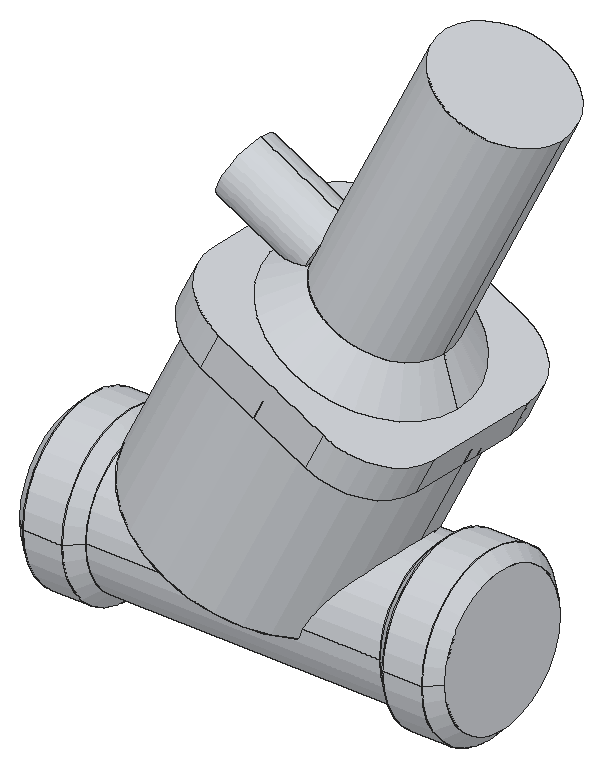
Revit family "PV_Compact_DN015_5-30_MM_RFA_2018", category Pipe Accessories, Revit 2018
Family settings
  Round Connector Dimension = Use Diameter
  Part Type = Valve - Breaks Into
  Work Plane-Based = No
  Always vertical = Yes
  Cut with Voids When Loaded = No
  Shared = No
Parameters (values of type "Frese PV Compact DN15 MM (5-30 kPa)")
  magiProductId = "Frese PV Compact DN15-1"
  magiProductFamilyId = "Frese PV Compact *"
  magiPartTypeId = 304
  isMeasuringValve [instance] = no
  ang2D [instance] = 0.00°
  Z7 = 15 mm
  Z6 = 40 mm
  Z5 = 44 mm
  Z4 = 39 mm
  Z3 = 6 mm
  Z2 = 33 mm
  XR3 = 30 mm
  XR2 = 25 mm
  XR1 = 13 mm
  W2D = 15 mm
  VersionID = "2.0/2018.12.13.2/FRESE_PV_COMPACT_Q13_001"
  Use Minimum Symbol Size [instance] = no
  URL = "www.hydronic.cz"
  Type Comments = "závitový s vnějším závitem; PN25; dpmax=450kPa; -10~+120°C;"
  R6 = 13 mm
  R5 = 5 mm
  R4 = 15 mm
  R3 = 10 mm
  R2 = 11 mm
  R1 = 19 mm
  QmdConnectorList = "301;D;302;D"
  Productdata [instance] = ""
  Manufacturer = "Hydronic Systems Prague s.r.o."
  MC Use Limits From Balancing Method = no
  MC Throttling Minimum Value = 0
  MC Throttling Maximum Value = 0
  MC Product Code = "53-3200 DN15; MM; nastavitelný rozsah dp=5~30kPa; Q=50~600l/h;  kvs=2,9"
  MC Pressure Drop Minimum Value = 0.0 Pa
  MC Pressure Drop Maximum Value = 0.0 Pa
  MC Piping Given Pressure Drop [instance] = 0.0 Pa
  M5 = 32.5 mm
  M4 = 30.5 mm
  M3 = 24.5 mm
  M2 = 22.5 mm
  LM = 45 mm
  L2D_Min = 30.48 mm
  L2D = 65 mm
  Description = "Nastavitelný regulátor tlakové diference"
  D = 15 mm
  CAT0 = yes
Types (2, lengths in mm): name | magiProductId | MC Product Code
  PV Compact DN15 MM (20-60 kPa) | "Frese PV Compact DN15-2" | "53-3201 DN15; MM; nastavitelný rozsah dp=20~60kPa; Q=100~1000l/h;  kvs=2,9"
  Frese PV Compact DN15 MM (5-30 kPa) | "Frese PV Compact DN15-1" | "53-3200 DN15; MM; nastavitelný rozsah dp=5~30kPa; Q=50~600l/h;  kvs=2,9"
Reference planes
  plane 1 "Center (Front/Back)": y = 0
  plane 2 "XYPLANE": z = 0
  plane 3 "Center (Left/Right)": x = 0
  plane 4 "62": through (318.218, 0, 679.605) normal (0.891, 0, -0.454)
  plane 5 "61": x = 32.5
  plane 6 "60": x = 30.5
  plane 7 "59": x = 24.5
  plane 8 "58": x = 22.5
  plane 9 "57": x = -32.5
  plane 10 "56": x = -30.5
  plane 11 "55": x = -24.5
  plane 12 "54": y = 0
  plane 13 "53": through (-666.893, 0, 343.166) normal (0.454, 0, 0.891)
  plane 14 "52": x = -22.5
  plane 15 "51": through (335.147, 0, 670.979) normal (0.891, 0, -0.454)
  plane 16 "50": through (-653.273, 0, 369.896) normal (0.454, 0, 0.891)
  plane 17 "49": through (352.076, 0, 662.353) normal (0.891, 0, -0.454)
  plane 18 "48": y = 19
  plane 19 "47": y = -19
  plane 20 "46": through (-650.549, 0, 375.242) normal (0.454, 0, 0.891)
  plane 21 "45": through (-648.279, 0, 379.697) normal (0.454, 0, 0.891)
  plane 22 "44": through (313.763, 0, 681.875) normal (0.891, 0, -0.454)
  plane 23 "42": through (-668.255, 0, 340.493) normal (0.454, 0, 0.891)
  plane 24 "15XY": through (-668.255, 0, 340.493) normal (0.454, 0, 0.891)
  plane 25 "15XZ": y = 0
  plane 26 "15YZ": through (340.493, 0, 668.255) normal (0.891, 0, -0.454)
Forms (mm)
  Blend 1, solid, visible <- "CAT0"
    base sketch origin (30.5, -750, 0) x (0, 1, 0) y (0, 0, 1)
      loop
        circle (750, 0) r 13
    top sketch origin (30.5, -750, 0) x (0, 1, 0) y (0, 0, 1)
      loop
        circle (750, 0) r 11
    from 0 to 2
  Extrusion 2, solid, visible <- "CAT0"
    sketch origin (24.5, -750, 0) x (0, 1, 0) y (0, 0, 1)
      loop
        circle (750, 0) r 13
    from 0 to 6
  Blend 3, solid, visible <- "CAT0"
    base sketch origin (22.5, -750, 0) x (0, 1, 0) y (0, 0, 1)
      loop
        circle (750, 0) r 11
    top sketch origin (22.5, -750, 0) x (0, 1, 0) y (0, 0, 1)
      loop
        circle (750, 0) r 13
    from 0 to 2
  Blend 4, solid, visible <- "CAT0"
    base sketch origin (-30.5, -750, 0) x (0, 1, 0) y (0, 0, 1)
      loop
        circle (750, 0) r 13
    top sketch origin (-30.5, -750, 0) x (0, 1, 0) y (0, 0, 1)
      loop
        circle (750, 0) r 11
    from 0 to -2
  Extrusion 5, solid, visible <- "CAT0"
    sketch origin (-30.5, -750, 0) x (0, 1, 0) y (0, 0, 1)
      loop
        circle (750, 0) r 13
    from 0 to 6
  Blend 6, solid, visible <- "CAT0"
    base sketch origin (-24.5, -750, 0) x (0, 1, 0) y (0, 0, 1)
      loop
        circle (750, 0) r 13
    top sketch origin (-24.5, -750, 0) x (0, 1, 0) y (0, 0, 1)
      loop
        circle (750, 0) r 11
    from 0 to 2
  Extrusion 7, solid, visible <- "CAT0"
    sketch origin (-22.5, -750, 0) x (0, 1, 0) y (0, 0, 1)
      loop
        circle (750, 0) r 11
    from 0 to 45 <- "LM"
  Extrusion 8, solid, visible <- "CAT0"
    sketch origin (-666.893, 0, 343.166) x (0.891007, 0, -0.45399) y (0, 1, 0)
      loop
        circle (744, 0) r 19
    from 0 to 33 <- "Z2"
  Extrusion 9, solid, visible <- "CAT0"
    sketch origin (-653.273, 0, 369.896) x (0.891007, 0, -0.45399) y (0, 1, 0)
      loop
        arc (735, 19) -> (727.929, 16.071) -> (725, 9) r 10
        line (725, 9) -> (725, -9)
        arc (725, -9) -> (727.929, -16.071) -> (735, -19) r 10
        line (735, -19) -> (753, -19)
        arc (753, -19) -> (760.071, -16.071) -> (763, -9) r 10
        line (763, -9) -> (763, 9)
        arc (763, 9) -> (760.071, 16.071) -> (753, 19) r 10
        line (753, 19) -> (735, 19)
    from 0 to 6 <- "Z3"
  Blend 10, solid, visible <- "CAT0"
    base sketch origin (-650.549, 0, 375.242) x (0.891007, 0, -0.45399) y (0, 1, 0)
      loop
        circle (744, 0) r 15
    top sketch origin (-650.549, 0, 375.242) x (0.891007, 0, -0.45399) y (0, 1, 0)
      loop
        circle (744, 0) r 10
    from 0 to 5
  Extrusion 11, solid, visible <- "CAT0"
    sketch origin (-648.279, 0, 379.697) x (0.891007, 0, -0.45399) y (0, 1, 0)
      loop
        circle (744, 0) r 10
    from 0 to 40 <- "Z6"
  Extrusion 12, solid, visible <- "CAT0"
    sketch origin (313.763, 0, 681.875) x (-0.45399, 0, -0.891007) y (0, 1, 0)
      loop
        circle (706, 0) r 5
    from 0 to 15 <- "Z7"
  Blend 13, solid, visible <- "CAT0"
    base sketch origin (-668.255, 0, 340.493) x (0.891007, 0, -0.45399) y (0, 1, 0)
      loop
        circle (744, 0) r 15
    top sketch origin (-668.255, 0, 340.493) x (0.891007, 0, -0.45399) y (0, 1, 0)
      loop
        circle (744, 0) r 19
    from 0 to 3
  Extrusion 14, solid, not visible
    sketch origin (-32.5, -750, 0) x (0, 1, 0) y (0, 0, 1)
      loop
        circle (750, 0) r 10
    from 0 to 10
  Extrusion 15, solid, not visible
    sketch origin (32.5, -750, 0) x (0, 1, 0) y (0, 0, 1)
      loop
        circle (750, 0) r 10
    from 0 to -10
Lines and regions (mm)
  reference lines, not visible
    curve 1: circle (2, 2, 0) r 1 normal (0, 0, 1)
Dimensions and locks
  plane 1 "Center (Front/Back)" to curve 1 = 2 mm
  "XR2": plane 26 "15YZ" to plane 4 "62"
  "M5": plane 3 "Center (Left/Right)" to plane 5 "61"
  "M4": plane 3 "Center (Left/Right)" to plane 6 "60"
  "M3": plane 3 "Center (Left/Right)" to plane 7 "59"
  "M2": plane 3 "Center (Left/Right)" to plane 8 "58"
  "M5": plane 3 "Center (Left/Right)" to plane 9 "57"
  "M4": plane 3 "Center (Left/Right)" to plane 10 "56"
  "M3": plane 3 "Center (Left/Right)" to plane 11 "55"
  locked: plane 25 "15XZ" to plane 12 "54"
  locked: plane 24 "15XY" to plane 13 "53" at 3
  "M2": plane 3 "Center (Left/Right)" to plane 14 "52"
  locked: plane 26 "15YZ" to plane 15 "51" at 6
  "Z2": plane 24 "15XY" to plane 16 "50"
  "XR1": plane 26 "15YZ" to plane 17 "49"
  "R1": plane 25 "15XZ" to plane 18 "48"
  "R1": plane 25 "15XZ" to plane 19 "47"
  "Z4": plane 24 "15XY" to plane 20 "46"
  "Z5": plane 24 "15XY" to plane 21 "45"
  "XR3": plane 26 "15YZ" to plane 22 "44"
  locked: plane 24 "15XY" to plane 23 "42"
  Extrusion 9 sketch curve to Extrusion 9 sketch curve = 0 mm  (x16)
  "R2": radius of Blend 1 sketch curve
  "R6": radius of Blend 1 sketch curve
  "R6": radius of Extrusion 2 sketch curve
  "R6": radius of Blend 3 sketch curve
  "R2": radius of Blend 3 sketch curve
  "R2": radius of Blend 4 sketch curve
  "R6": radius of Blend 4 sketch curve
  "R6": radius of Extrusion 5 sketch curve
  "R2": radius of Blend 6 sketch curve
  "R6": radius of Blend 6 sketch curve
  "R2": radius of Extrusion 7 sketch curve
  "R1": radius of Extrusion 8 sketch curve
  radius of Extrusion 9 sketch curve = 10 mm  (x4)
  "R3": radius of Blend 10 sketch curve
  "R4": radius of Blend 10 sketch curve
  "R3": radius of Extrusion 11 sketch curve
  "R5": radius of Extrusion 12 sketch curve
  "R1": radius of Blend 13 sketch curve
  aligned and locked: level to plane 2 "XYPLANE"
  aligned and locked: plane 5 "61" to Blend 1
  aligned and locked: plane 7 "59" to Blend 3
  aligned and locked: Blend 4 to plane 9 "57"
  aligned and locked: plane 14 "52" to Blend 6
  aligned and locked: plane 12 "54" to Extrusion 8 sketch curve
  aligned and locked: Extrusion 8 sketch curve to plane 15 "51"
  aligned and locked: Extrusion 9 sketch curve to plane 4 "62"
  aligned and locked: Extrusion 9 sketch curve to plane 19 "47"
  aligned and locked: Extrusion 9 sketch curve to plane 17 "49"
  aligned and locked: plane 18 "48" to Extrusion 9 sketch curve
  aligned and locked: plane 12 "54" to Blend 10 sketch curve  (x2)
  aligned and locked: Blend 10 sketch curve to plane 15 "51"  (x2)
  aligned and locked: plane 21 "45" to Blend 10
  aligned and locked: plane 12 "54" to Extrusion 11 sketch curve
  aligned and locked: Extrusion 11 sketch curve to plane 15 "51"
  aligned and locked: plane 12 "54" to Extrusion 12 sketch curve
  aligned and locked: plane 21 "45" to Extrusion 12 sketch curve
  aligned and locked: plane 12 "54" to Blend 13 sketch curve  (x2)
  aligned and locked: Blend 13 sketch curve to plane 15 "51"  (x2)
  aligned and locked: plane 13 "53" to Blend 13
Automatic sketch dimensions
  plane 4 "62" to Blend 13 sketch curve = 4 mm
  Extrusion 14 sketch curve to Extrusion 14 sketch curve = 0 mm  (x2)
  Extrusion 14 sketch curve to level = 0 mm
  Extrusion 14 sketch curve to plane 1 "Center (Front/Back)" = 0 mm
  plane 19 "47" to Extrusion 14 sketch curve = 9 mm
  Extrusion 15 sketch curve to Extrusion 15 sketch curve = 0 mm  (x2)
  Extrusion 15 sketch curve to level = 0 mm
  Extrusion 15 sketch curve to plane 1 "Center (Front/Back)" = 0 mm
  plane 19 "47" to Extrusion 15 sketch curve = 9 mm
  plane 3 "Center (Left/Right)" to curve 1 = 2 mm
  Blend 1 sketch curve to level = 0 mm  (x2)
  Blend 1 sketch curve to plane 1 "Center (Front/Back)" = 0 mm  (x2)
  Extrusion 2 sketch curve to level = 0 mm
  Extrusion 2 sketch curve to plane 1 "Center (Front/Back)" = 0 mm
  Blend 3 sketch curve to level = 0 mm  (x2)
  Blend 3 sketch curve to plane 1 "Center (Front/Back)" = 0 mm  (x2)
  Blend 4 sketch curve to level = 0 mm  (x2)
  Blend 4 sketch curve to plane 1 "Center (Front/Back)" = 0 mm  (x2)
  Extrusion 5 sketch curve to level = 0 mm
  Extrusion 5 sketch curve to plane 1 "Center (Front/Back)" = 0 mm
  Blend 6 sketch curve to level = 0 mm  (x2)
  Blend 6 sketch curve to plane 1 "Center (Front/Back)" = 0 mm  (x2)
  Extrusion 7 sketch curve to level = 0 mm
  Extrusion 7 sketch curve to plane 1 "Center (Front/Back)" = 0 mm
  radius of curve 1 = 1 mm
Connectors
  piping at (-32.5, 0, 0), diameter 15, driven by "D"
    settings: on Extrusion 14, index 1, connector inside diameter 609.6 mm, connector length 0 mm, flow factor 0, pipe flow 0.0 L/s, pressure drop 0.0 Pa, fitting loss kfactor 0, connector angle 0.00°, fixture units 0, engagement length 0 mm, angle of deflection 0.00°, flow configuration 0, flow direction 0, fitting loss method 0, system type 29, joint type 0, gender type 0, connector reference index 2, connector utility 0, adjustable connector no, is connector primary yes, connector description ""
  piping at (32.5, 0, 0), diameter 15, driven by "D"
    settings: on Extrusion 15, index 2, connector inside diameter 609.6 mm, connector length 0 mm, flow factor 0, pipe flow 0.0 L/s, pressure drop 0.0 Pa, fitting loss kfactor 0, connector angle 0.00°, fixture units 0, engagement length 0 mm, angle of deflection 0.00°, flow configuration 0, flow direction 0, fitting loss method 0, system type 29, joint type 0, gender type 0, connector reference index 1, connector utility 0, adjustable connector no, is connector primary no, connector description ""
